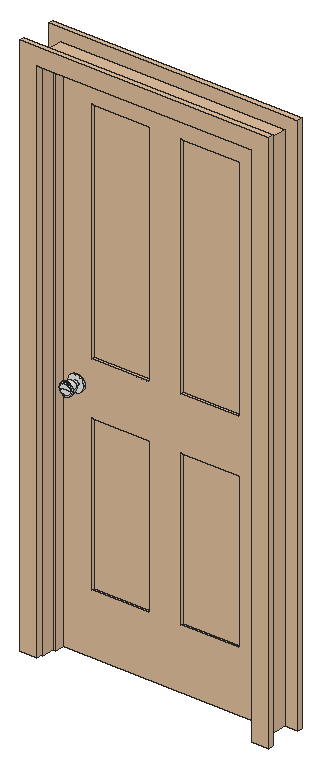
Revit family "M_Porta-Interna-Única-4_Painel-Madeira", category Portas, Revit 2019
Family settings
  Hospedeiro = Parede
  Número OmniClass = 23.30.10.00
  Título OmniClass = Doors
  Sempre na vertical = Sim
  Corte com vazios quando carregada = Não
  Compartilhado = Não
  Ponto de cálculo do ambiente = Não
Parameters
  Visual Light Transmittance = 0
  Material da apara = Cerejeira
  Corrimão superior = 120 mm
  Espessura = 35 mm
  Resistência térmica (R) = 0.455703 (m²·K)/W
  Ângulo de abertura [instance] = 90.00°
  Estilos = 120 mm
  Solar Heat Gain Coefficient = 0
  Rough Width = Width + 50 mm  # 850 mm
  Altura bruta = Altura + 25 mm  # 2025 mm
  Material do painel = Cerejeira
  Montante secundário = 115 mm
  Bloquear corrimão = 200 mm
  Altura = 2000 mm
  Fechamento da parede = Por hospedeiro
  Width = 800 mm
  Coeficiente de transferência de calor (U) = 2.19465 W/(m²·K)
  Função = Interior
  Material da moldura = Cerejeira
  Material da maçaneta = Alumín. 1
  Corrimão inferior = 230 mm
  Código de montagem = "C1020300"
  Construção analítica = "Madeira"
Reference planes
  plane 1 "Centro (Frente/Trás)": y = 0
  plane 2 "Centro (Esquerda/Direita)": x = 0
  plane 3 "Esquerda": x = -425
  plane 4 "Direita": x = 425
  plane 5 "Superior": z = 2025
  plane 6 "Exterior": y = 53.975
  plane 7 "Interior": y = -60.325
  plane 8 "Painel esquerdo da porta": x = -400
  plane 9 "Painel direito da porta": x = 400
  plane 10 "Topo do painel": z = 2000
  plane 11: z = 0
  plane 12: z = 0
  plane 13: x = 418.65
  plane 14: y = 18.975
  plane 15: y = -15.95
  plane 16: x = 387.3
  plane 17: y = 18.975
  plane 18: z = 230
  plane 19: z = 1880
  plane 20: x = 280
  plane 21: x = -280
  plane 22: z = 814.4
  plane 23: z = 1014.4
  plane 24: y = 30.642
  plane 25: y = 42.308
  plane 26: z = 914.4
  plane 27: x = 57.5
  plane 28: x = -57.5
Forms (mm)
  Sweep 1, solid, material "Cerejeira" <- "Material da moldura"
    path origin (0, 0, 0) x (1, 0, 0) y (0, 0, 1)
      loop
        line (425, 0) -> (425, 2025) -> (-425, 2025) -> (-425, 0)
    profile origin (425, 0, 1012.5) x (-1, 0, 0) y (0, -1, 0)
      loop
        line (25, -53.975) -> (25, -18.975) -> (37.7, -18.975) -> (37.7, 15.95) -> (25, 15.95) -> (25, 60.325) -> (0, 60.325) -> (0, -53.975) -> (25, -53.975)
  Extrusion 2, solid, material "Cerejeira" <- "Material do painel"
    sketch origin (0, 0, 0) x (1, 0, 0) y (0, 0, 1)
      loop
        line (400, 2000) -> (-400, 2000) -> (-400, 0) -> (400, 0) -> (400, 2000)
      loop
        line (280, 1880) -> (57.5, 1880) -> (57.5, 1014.4) -> (280, 1014.4) -> (280, 1880)
      loop
        line (-280, 1014.4) -> (-57.5, 1014.4) -> (-57.5, 1880) -> (-280, 1880) -> (-280, 1014.4)
      loop
        line (280, 814.4) -> (57.5, 814.4) -> (57.5, 230) -> (280, 230) -> (280, 814.4)
      loop
        line (-280, 230) -> (-57.5, 230) -> (-57.5, 814.4) -> (-280, 814.4) -> (-280, 230)
    from -53.975 to -18.975
  Extrusion 3, solid, material "Cerejeira" <- "Material do painel"
    sketch origin (0, 0, 0) x (1, 0, 0) y (0, 0, 1)
      loop
        line (280, 1880) -> (57.5, 1880) -> (57.5, 1014.4) -> (280, 1014.4) -> (280, 1880)
      loop
        line (-280, 1014.4) -> (-57.5, 1014.4) -> (-57.5, 1880) -> (-280, 1880) -> (-280, 1014.4)
      loop
        line (280, 814.4) -> (57.5, 814.4) -> (57.5, 230) -> (280, 230) -> (280, 814.4)
      loop
        line (-280, 230) -> (-57.5, 230) -> (-57.5, 814.4) -> (-280, 814.4) -> (-280, 230)
    from -42.308 to -30.642
  Sweep 4, solid, material "Cerejeira" <- "Material da apara", detail levels fine
    path origin (0, 53.975, 0) x (1, 0, 0) y (0, 0, 1)
      loop
        line (400, 0) -> (400, 2000) -> (-400, 2000) -> (-400, 0)
    profile "Perfil de caixa-plano : 20 x 65mm" origin (400, 53.975, 1000) x (-1, 0, 0) y (0, -1, 0)
      loop
        line (-6.35, -20) -> (-6.35, 0) -> (-71.35, 0) -> (-71.35, -20) -> (-6.35, -20)
  Sweep 5, solid, material "Cerejeira" <- "Material da apara", detail levels fine
    path origin (0, -60.325, 0) x (1, 0, 0) y (0, 0, 1)
      loop
        line (400, 0) -> (400, 2000) -> (-400, 2000) -> (-400, 0)
    profile "Perfil de caixa-plano : 20 x 65mm" origin (400, -60.325, 1000) x (-1, 0, 0) y (0, -1, 0)
      loop
        line (-6.35, 20) -> (-71.35, 20) -> (-71.35, 0) -> (-6.35, 0) -> (-6.35, 20)
Lines and regions (mm)
  Opening 1
    outline origin (-2286, -60.325, 0) x (1, 0, 0) y (0, 0, 1)
      loop
        line (1861, 0) -> (2711, 0) -> (2711, 2025) -> (1861, 2025) -> (1861, 0)
  Masking region 1, detail levels coarse+medium
    outline origin (0, 0, 0) x (1, 0, 0) y (0, 1, 0)
      loop
        line (-425, 53.975) -> (-425, -60.325) -> (-400, -60.325) -> (-400, 53.975) -> (-425, 53.975)
      loop
        line (425, 53.975) -> (400, 53.975) -> (400, -60.325) -> (425, -60.325) -> (425, 53.975)
  Masking region 2, detail levels fine
    outline origin (-25.4, 0, 0) x (1, 0, 0) y (0, 1, 0)
      loop
        line (-399.6, 53.975) -> (-399.6, -60.325) -> (-374.6, -60.325) -> (-374.6, -15.95) -> (-361.9, -15.95) -> (-361.9, 18.975) -> (-374.6, 18.975) -> (-374.6, 53.975) -> (-399.6, 53.975)
      loop
        line (450.4, 53.975) -> (425.4, 53.975) -> (425.4, 18.975) -> (412.7, 18.975) -> (412.7, -15.95) -> (425.4, -15.95) -> (425.4, -60.325) -> (450.4, -60.325) -> (450.4, 53.975)
  Masking region 3, detail levels fine
    outline origin (0, 0, 0) x (1, 0, 0) y (0, 1, 0)
      loop
        line (-471.35, 73.975) -> (-471.35, 53.975) -> (-406.35, 53.975) -> (-406.35, 73.975) -> (-471.35, 73.975)
      loop
        line (-471.35, -60.325) -> (-471.35, -80.325) -> (-406.35, -80.325) -> (-406.35, -60.325) -> (-471.35, -60.325)
      loop
        line (406.35, 73.975) -> (406.35, 53.975) -> (471.35, 53.975) -> (471.35, 73.975) -> (406.35, 73.975)
      loop
        line (406.35, -60.325) -> (406.35, -80.325) -> (471.35, -80.325) -> (471.35, -60.325) -> (406.35, -60.325)
  Masking region 4
    outline origin (0, 0, 0) x (0, 1, 0) y (0, 0, 1)
      loop
        line (53.975, 2025) -> (-60.325, 2025) -> (-60.325, 2018.65) -> (53.975, 2018.65) -> (53.975, 2025)
  symbolic lines, style "Giro da elevação"
    curve 1: line (-400, 53.975, 2000) -> (400, 53.975, 1000)
    curve 2: line (400, 53.975, 1000) -> (-400, 53.975, 0)
Text (mm)
  text "Exterior" at (-1904.17, 693.701, 0), in view "Nível de referência"
  text "Interior" at (-1904.17, -638.649, 0), in view "Nível de referência"
  text "Exterior" at (0, 1019.848, 3124.603), in view "Direita"
  text "Interior" at (0, -1635.541, 3124.603), in view "Direita"
  text "Interior" at (0, -787.806, 3124.376), in view "Esquerda"
  text "Exterior" at (0, 1386.095, 3124.376), in view "Esquerda"
Dimensions and locks
  equal spacing: plane 3 "Esquerda", plane 2 "Centro (Esquerda/Direita)", plane 4 "Direita"
  "Altura bruta": level to plane 5 "Superior"
  equal spacing: plane 8 "Painel esquerdo da porta", plane 2 "Centro (Esquerda/Direita)", plane 9 "Painel direito da porta"
  "Width": plane 8 "Painel esquerdo da porta" to plane 9 "Painel direito da porta"
  "Altura": level to plane 10 "Topo do painel"
  plane 11 to plane 12 = 0 mm
  locked: plane 13 to plane 4 "Direita" at 6.35
  "Espessura": plane 14 to plane 6 "Exterior"
  locked: plane 14 to plane 15 at 34.925
  locked: plane 16 to plane 9 "Painel direito da porta" at 12.7
  "Espessura": plane 6 "Exterior" to plane 17
  "Rough Width": plane 3 "Esquerda" to plane 4 "Direita"
  "Corrimão superior": plane 19 to plane 10 "Topo do painel"
  "Estilos": plane 20 to plane 9 "Painel direito da porta"
  "Estilos": plane 8 "Painel esquerdo da porta" to plane 21
  "Bloquear corrimão": plane 22 to plane 23
  equal spacing: plane 17, plane 24, plane 25, plane 6 "Exterior"
  locked: plane 12 to plane 26 at 914.4
  equal spacing: plane 22, plane 26, plane 23
  equal spacing: plane 12, curve 2, plane 10 "Topo do painel"
  "Corrimão inferior": plane 18 to plane 11
  "Montante secundário": plane 28 to plane 27
  equal spacing: plane 28, plane 2 "Centro (Esquerda/Direita)", plane 27
  locked: Masking region 4 sketch curve to plane 5 "Superior" at 6.35
  aligned and locked: plane 3 "Esquerda" to Opening 1 sketch curve
  aligned and locked: plane 5 "Superior" to Opening 1 sketch curve  (x2)
  aligned and locked: Opening 1 sketch curve to plane 4 "Direita"
  aligned and locked: Opening 1 sketch curve to level
  aligned and locked: plane 6 "Exterior" to host wall
  aligned and locked: plane 7 "Interior" to host wall
  aligned and locked: plane 5 "Superior" to Sweep 1 sketch curve
  aligned and locked: plane 4 "Direita" to Sweep 1 sketch curve  (x2)
  aligned and locked: Sweep 1 sketch curve to plane 3 "Esquerda"
  aligned and locked: plane 11 to level
  aligned and locked: plane 11 to Sweep 1 sketch curve  (x2)
  aligned and locked: Sweep 1 sketch curve to plane 9 "Painel direito da porta"
  aligned and locked: Sweep 1 sketch curve to host wall
  aligned and locked: Sweep 1 sketch curve to plane 7 "Interior"
  aligned and locked: Sweep 1 sketch curve to plane 15
  aligned and locked: Sweep 1 sketch curve to plane 16
  aligned and locked: plane 14 to Sweep 1 sketch curve
  aligned and locked: Extrusion 2 sketch curve to plane 10 "Topo do painel"
  aligned and locked: Extrusion 2 sketch curve to plane 8 "Painel esquerdo da porta"
  aligned and locked: plane 9 "Painel direito da porta" to Extrusion 2 sketch curve
  aligned and locked: Extrusion 2 sketch curve to plane 12
  aligned and locked: Extrusion 2 to plane 17
  aligned and locked: Extrusion 2 to plane 6 "Exterior"
  aligned and locked: Extrusion 2 sketch curve to plane 19
  aligned and locked: Extrusion 2 sketch curve to plane 21  (x2)
  aligned and locked: plane 23 to Extrusion 2 sketch curve
  aligned and locked: plane 20 to Extrusion 2 sketch curve  (x2)
  aligned and locked: Extrusion 2 sketch curve to plane 22
  aligned and locked: plane 18 to Extrusion 2 sketch curve
  aligned and locked: Extrusion 3 sketch curve to plane 19
  aligned and locked: plane 20 to Extrusion 3 sketch curve  (x2)
  aligned and locked: Extrusion 3 sketch curve to plane 21  (x2)
  aligned and locked: plane 23 to Extrusion 3 sketch curve
  aligned and locked: Extrusion 3 sketch curve to plane 22
  aligned and locked: plane 18 to Extrusion 3 sketch curve
  aligned and locked: plane 25 to Extrusion 3
  aligned and locked: Extrusion 3 to plane 24
  aligned and locked: nested 1 to plane 9 "Painel direito da porta"
  aligned and locked: plane 6 "Exterior" to nested 1
  aligned and locked: nested 2 to plane 8 "Painel esquerdo da porta"
  aligned and locked: plane 6 "Exterior" to nested 2
  aligned and locked: plane 8 "Painel esquerdo da porta" to nested 3
  aligned and locked: nested 3 to plane 17
  aligned and locked: plane 9 "Painel direito da porta" to Sweep 4 sketch curve
  aligned and locked: Sweep 4 sketch curve to plane 8 "Painel esquerdo da porta"
  aligned and locked: Sweep 4 sketch curve to plane 10 "Topo do painel"
  aligned and locked: Sweep 5 sketch curve to plane 9 "Painel direito da porta"
  aligned and locked: plane 10 "Topo do painel" to Sweep 5 sketch curve
  aligned and locked: plane 8 "Painel esquerdo da porta" to Sweep 5 sketch curve
  aligned and locked: Masking region 1 sketch curve to plane 3 "Esquerda"
  aligned and locked: plane 8 "Painel esquerdo da porta" to Masking region 1 sketch curve
  aligned and locked: Masking region 1 sketch curve to plane 7 "Interior"
  aligned and locked: plane 6 "Exterior" to Masking region 1 sketch curve
  aligned and locked: plane 9 "Painel direito da porta" to Masking region 1 sketch curve
  aligned and locked: Masking region 1 sketch curve to plane 4 "Direita"
  aligned and locked: plane 7 "Interior" to Masking region 1 sketch curve
  aligned and locked: Masking region 1 sketch curve to plane 6 "Exterior"
  aligned and locked: plane 11 to Sweep 4 sketch curve  (x2)
  aligned and locked: plane 11 to Sweep 5 sketch curve  (x2)
  aligned and locked: plane 8 "Painel esquerdo da porta" to Masking region 2 sketch curve
  aligned and locked: Masking region 2 sketch curve to plane 3 "Esquerda"
  aligned and locked: Masking region 2 sketch curve to plane 7 "Interior"
  aligned and locked: plane 6 "Exterior" to Masking region 2 sketch curve
  aligned and locked: Masking region 2 sketch curve to nested 2  (x2)
  aligned and locked: Masking region 2 sketch curve to Sweep 1  (x3)
  aligned and locked: Masking region 3 sketch curve to Sweep 4  (x6)
  aligned and locked: Masking region 3 sketch curve to plane 6 "Exterior"  (x2)
  aligned and locked: plane 7 "Interior" to Masking region 3 sketch curve  (x2)
  aligned and locked: Masking region 3 sketch curve to Sweep 5  (x6)
  aligned and locked: Masking region 2 sketch curve to plane 4 "Direita"
  aligned and locked: plane 9 "Painel direito da porta" to Masking region 2 sketch curve  (x3)
  aligned and locked: plane 17 to Masking region 2 sketch curve
  aligned and locked: Sweep 1 to Masking region 2 sketch curve
  aligned and locked: plane 27 to Extrusion 2 sketch curve  (x2)
  aligned and locked: plane 28 to Extrusion 2 sketch curve  (x2)
  aligned and locked: plane 27 to Extrusion 3 sketch curve
  aligned and locked: Extrusion 3 sketch curve to plane 28  (x2)
  aligned and locked: Extrusion 3 sketch curve to plane 27
  aligned and locked: plane 5 "Superior" to Masking region 4 sketch curve
  aligned and locked: plane 6 "Exterior" to Masking region 4 sketch curve
  aligned and locked: Masking region 4 sketch curve to plane 7 "Interior"
Automatic sketch dimensions
  plane 16 to Sweep 1 sketch curve = 12.7 mm
  curve 2 to level = 0 mm
  curve 2 to plane 8 "Painel esquerdo da porta" = 0 mm
  curve 1 to plane 8 "Painel esquerdo da porta" = 0 mm
  curve 2 to plane 9 "Painel direito da porta" = 0 mm
  curve 1 to plane 10 "Topo do painel" = 0 mm
  Masking region 2 sketch curve to host wall = 0 mm  (x2)
  Masking region 2 sketch curve to plane 17 = 0 mm
  plane 18 to Extrusion 2 sketch curve = 0 mm
  plane 23 to Extrusion 2 sketch curve = 0 mm
  Extrusion 2 sketch curve to plane 19 = 0 mm
  Extrusion 2 sketch curve to plane 22 = 0 mm
  Extrusion 3 sketch curve to plane 23 = 0 mm
  Extrusion 3 sketch curve to plane 18 = 0 mm
  Extrusion 3 sketch curve to plane 22 = 0 mm
  Extrusion 3 sketch curve to plane 19 = 0 mm
Nested families
  nested 1: "Porta com abertura única" at (400, 53.975, 0), Ângulo de abertura <- "Ângulo de abertura", type "Único"
    with Abertura visível yes, Ângulo de abertura 90.00°, Ângulo real 90.00°, Width 800 mm, Espessura 35 mm
  nested 2: "M_Maçaneta residencial" at (-400, 53.975, 914.4), type "Padrão", detail levels fine
  nested 3: "M_Maçaneta residencial" at (-400, 18.975, 914.4), type "Padrão", detail levels fine
Definition of nested family "M_Maçaneta residencial"
  Parameters (values of type "Padrão")
    Manufacturer = ""
    Material = none
    Handle Z Distance = 0 mm
    Handle X Distance = 65 mm
    Analytic Construction = "<Nenhum>"
  Reference planes
    plane 1 "Centro (Frente/Trás)": y = 0
    plane 2: z = 0
    plane 3 "Centro (Esquerda/Direita)": x = 0
    plane 4: z = 0
    plane 5: x = 65
  Forms (mm)
    Extrusion 1, solid, material <- "Material"
      sketch origin (0, 0, 0) x (1, 0, 0) y (0, 0, 1)
        loop
          circle (65, 0) r 30
      from 0 to -6
    Revolve 2, solid, material <- "Material"
      sketch origin (0, 0, 0) x (0, -1, 0) y (1, 0, 0)
        loop
          line (-25, 55) -> (-6, 55) -> (-6, 65) -> (-55, 65) -> (-55, 44.524) -> (-53.172, 40) -> (-49.708, 40) -> (-25, 46.364) -> (-25, 55)
        axis (-6, 65) -> (-55, 65)
      angle from 0 to 360
  Dimensions and locks
    "Handle Z Distance": plane 4 to level
    "Handle X Distance": plane 5 to plane 3 "Centro (Esquerda/Direita)"
  Automatic sketch dimensions
    Extrusion 1 sketch curve to plane 4 = 0 mm
    Extrusion 1 sketch curve to plane 5 = 0 mm
    Revolve 2 sketch curve to plane 5 = 0 mm  (x2)
    Revolve 2 sketch curve to plane 1 "Centro (Frente/Trás)" = 66 mm
    Revolve 2 sketch curve to Revolve 2 sketch curve = 11 mm
    Revolve 2 sketch curve to Revolve 2 sketch curve = 1.828 mm
    Revolve 2 sketch curve to Revolve 2 sketch curve = 3.464 mm
    Revolve 2 sketch curve to plane 1 "Centro (Frente/Trás)" = 25 mm
    Revolve 2 sketch curve to plane 1 "Centro (Frente/Trás)" = 6 mm
    Revolve 2 sketch curve to Revolve 2 sketch curve = 0 mm
    Revolve 2 sketch curve to Revolve 2 sketch curve = 10 mm
    Revolve 2 sketch curve to Revolve 2 sketch curve = 8.636 mm
    Revolve 2 sketch curve to Revolve 2 sketch curve = 20.476 mm
    Revolve 2 sketch curve to Revolve 2 sketch curve = 4.524 mm
    radius of Extrusion 1 sketch curve = 30 mm
Definition of nested family "Porta com abertura única"
  Parameters (values of type "Único")
    Width = 900 mm
    Thickness = 45 mm
    Abertura visível [instance] = Ângulo de abertura > 1.00°  # yes
    Ângulo de abertura [instance] = 45.00°
    Assembly Code = ""
    Analytic Construction = "<Nenhum>"
    Ângulo real [instance] = if(Ângulo de abertura < 1.00°, 1.00°, Ângulo de abertura)  # 45.00°
  Reference planes
    plane 1 "Centro (Frente/Trás)": y = 0
    plane 2: z = 0
    plane 3 "Centro (Esquerda/Direita)": x = 0
    plane 4: x = -900
  Lines and regions (mm)
    Masking region 1
      outline origin (0, 0, 0) x (-0.707107, 0.707107, 0) y (-0.707107, -0.707107, 0)
        loop
          line (0, 0) -> (900, 0) -> (900, 45) -> (0, 45) -> (0, 0)
    symbolic lines
      curve 1: line (0, 0, 0) -> (-900, 0, 0)
    symbolic lines, visible <- "Abertura visível"
      curve 2: arc (-900, 0, 0) -> (-831.492, 344.415, 0) -> (-636.396, 636.396, 0) r 900
    reference lines
      curve 3: line (0, 0, 0) -> (-636.396, 636.396, 0)
    model lines
      curve 4: line (0, 0, 0) -> (0, 0, 25.4)
  Dimensions and locks
    "Width": plane 4 to plane 3 "Centro (Esquerda/Direita)"
    locked: curve 2 to plane 3 "Centro (Esquerda/Direita)"
    locked: curve 2 to plane 1 "Centro (Frente/Trás)"
    "Width": curve 3 to curve 3
    "Thickness": Masking region 1 sketch curve to Masking region 1 sketch curve
    locked: curve 4 to plane 2 at 25.4
    "Width": radius of curve 2
    "Ângulo real": angle curve 2 to curve 2
    "Ângulo de abertura": angle curve 3 to plane 1 "Centro (Frente/Trás)"
    aligned and locked: curve 1 to plane 1 "Centro (Frente/Trás)"
    aligned and locked: plane 3 "Centro (Esquerda/Direita)" to curve 1
    aligned and locked: plane 3 "Centro (Esquerda/Direita)" to curve 3
    aligned and locked: plane 1 "Centro (Frente/Trás)" to curve 3
    aligned and locked: curve 3 to Masking region 1 sketch curve
    aligned and locked: Masking region 1 sketch curve to curve 3  (x2)
    aligned and locked: plane 3 "Centro (Esquerda/Direita)" to curve 4
    aligned and locked: plane 2 to curve 4
Types in the file's own list only (39): name | Transmissão de luz visual | Resistência térmica (R) | Estilos | Coeficiente de ganho de calor solar | Largura bruta | Altura bruta | Altura | Largura | Coeficiente de transferência de calor (U)
  300 x 2000mm | 0 | 0.4557 (m²·K)/W | 60 mm | 0 | 350 mm | 2025 mm | 2000 mm | 300 mm | 2.1946 W/(m²·K)
  350 x 2000mm | 0 | 0.4557 (m²·K)/W | 60 mm | 0 | 400 mm | 2025 mm | 2000 mm | 350 mm | 2.1946 W/(m²·K)
  400 x 2000mm | 0 | 0.4557 (m²·K)/W | 60 mm | 0 | 450 mm | 2025 mm | 2000 mm | 400 mm | 2.1946 W/(m²·K)
  450 x 2000mm | 0 | 0.4557 (m²·K)/W | 120 mm | 0 | 500 mm | 2025 mm | 2000 mm | 450 mm | 2.1946 W/(m²·K)
  500 x 2000mm | 0 | 0.4557 (m²·K)/W | 120 mm | 0 | 550 mm | 2025 mm | 2000 mm | 500 mm | 2.1946 W/(m²·K)
  550 x 2000mm | 0 | 0.4557 (m²·K)/W | 120 mm | 0 | 600 mm | 2025 mm | 2000 mm | 550 mm | 2.1946 W/(m²·K)
  600 x 2000mm | 0 | 0.4557 (m²·K)/W | 120 mm | 0 | 650 mm | 2025 mm | 2000 mm | 600 mm | 2.1946 W/(m²·K)
  650 x 2000mm | 0 | 0.4557 (m²·K)/W | 120 mm | 0 | 700 mm | 2025 mm | 2000 mm | 650 mm | 2.1946 W/(m²·K)
  700 x 2000mm | 0 | 0.4557 (m²·K)/W | 120 mm | 0 | 750 mm | 2025 mm | 2000 mm | 700 mm | 2.1946 W/(m²·K)
  750 x 2000mm | 0 | 0.4557 (m²·K)/W | 120 mm | 0 | 800 mm | 2025 mm | 2000 mm | 750 mm | 2.1946 W/(m²·K)
  800 x 2000mm | 0 | 0.4557 (m²·K)/W | 120 mm | 0 | 850 mm | 2025 mm | 2000 mm | 800 mm | 2.1946 W/(m²·K)
  850 x 2000mm | 0 | 0.4557 (m²·K)/W | 120 mm | 0 | 900 mm | 2025 mm | 2000 mm | 850 mm | 2.1946 W/(m²·K)
  900 x 2000mm | 0 | 0.4557 (m²·K)/W | 120 mm | 0 | 950 mm | 2025 mm | 2000 mm | 900 mm | 2.1946 W/(m²·K)
  300 x 2100mm | 0 | 0.4557 (m²·K)/W | 60 mm | 0 | 350 mm | 2125 mm | 2100 mm | 300 mm | 2.1946 W/(m²·K)
  350 x 2100mm | 0 | 0.4557 (m²·K)/W | 60 mm | 0 | 400 mm | 2125 mm | 2100 mm | 350 mm | 2.1946 W/(m²·K)
  400 x 2100mm | 0 | 0.4557 (m²·K)/W | 60 mm | 0 | 450 mm | 2125 mm | 2100 mm | 400 mm | 2.1946 W/(m²·K)
  450 x 2100mm | 0 | 0.4557 (m²·K)/W | 120 mm | 0 | 500 mm | 2125 mm | 2100 mm | 450 mm | 2.1946 W/(m²·K)
  500 x 2100mm | 0 | 0.4557 (m²·K)/W | 120 mm | 0 | 550 mm | 2125 mm | 2100 mm | 500 mm | 2.1946 W/(m²·K)
  550 x 2100mm | 0 | 0.4557 (m²·K)/W | 120 mm | 0 | 600 mm | 2125 mm | 2100 mm | 550 mm | 2.1946 W/(m²·K)
  600 x 2100mm | 0 | 0.4557 (m²·K)/W | 120 mm | 0 | 650 mm | 2125 mm | 2100 mm | 600 mm | 2.1946 W/(m²·K)
  650 x 2100mm | 0 | 0.4557 (m²·K)/W | 120 mm | 0 | 700 mm | 2125 mm | 2100 mm | 650 mm | 2.1946 W/(m²·K)
  700 x 2100mm | 0 | 0.4557 (m²·K)/W | 120 mm | 0 | 750 mm | 2125 mm | 2100 mm | 700 mm | 2.1946 W/(m²·K)
  750 x 2100mm | 0 | 0.4557 (m²·K)/W | 120 mm | 0 | 800 mm | 2125 mm | 2100 mm | 750 mm | 2.1946 W/(m²·K)
  800 x 2100mm | 0 | 0.4557 (m²·K)/W | 120 mm | 0 | 850 mm | 2125 mm | 2100 mm | 800 mm | 2.1946 W/(m²·K)
  850 x 2100mm | 0 | 0.4557 (m²·K)/W | 120 mm | 0 | 900 mm | 2125 mm | 2100 mm | 850 mm | 2.1946 W/(m²·K)
  900 x 2100mm | 0 | 0.4557 (m²·K)/W | 120 mm | 0 | 950 mm | 2125 mm | 2100 mm | 900 mm | 2.1946 W/(m²·K)
  300 x 2400mm | 0 | 0.4557 (m²·K)/W | 60 mm | 0 | 350 mm | 2425 mm | 2400 mm | 300 mm | 2.1946 W/(m²·K)
  350 x 2400mm | 0 | 0.4557 (m²·K)/W | 60 mm | 0 | 400 mm | 2425 mm | 2400 mm | 350 mm | 2.1946 W/(m²·K)
  400 x 2400mm | 0 | 0.4557 (m²·K)/W | 60 mm | 0 | 450 mm | 2425 mm | 2400 mm | 400 mm | 2.1946 W/(m²·K)
  450 x 2400mm | 0 | 0.4557 (m²·K)/W | 120 mm | 0 | 500 mm | 2425 mm | 2400 mm | 450 mm | 2.1946 W/(m²·K)
  500 x 2400mm | 0 | 0.4557 (m²·K)/W | 120 mm | 0 | 550 mm | 2425 mm | 2400 mm | 500 mm | 2.1946 W/(m²·K)
  550 x 2400mm | 0 | 0.4557 (m²·K)/W | 120 mm | 0 | 600 mm | 2425 mm | 2400 mm | 550 mm | 2.1946 W/(m²·K)
  600 x 2400mm | 0 | 0.4557 (m²·K)/W | 120 mm | 0 | 650 mm | 2425 mm | 2400 mm | 600 mm | 2.1946 W/(m²·K)
  650 x 2400mm | 0 | 0.4557 (m²·K)/W | 120 mm | 0 | 700 mm | 2425 mm | 2400 mm | 650 mm | 2.1946 W/(m²·K)
  700 x 2400mm | 0 | 0.4557 (m²·K)/W | 120 mm | 0 | 750 mm | 2425 mm | 2400 mm | 700 mm | 2.1946 W/(m²·K)
  750 x 2400mm | 0 | 0.4557 (m²·K)/W | 120 mm | 0 | 800 mm | 2425 mm | 2400 mm | 750 mm | 2.1946 W/(m²·K)
  800 x 2400mm | 0 | 0.4557 (m²·K)/W | 120 mm | 0 | 850 mm | 2425 mm | 2400 mm | 800 mm | 2.1946 W/(m²·K)
  850 x 2400mm | 0 | 0.4557 (m²·K)/W | 120 mm | 0 | 900 mm | 2425 mm | 2400 mm | 850 mm | 2.1946 W/(m²·K)
  900 x 2400mm | 0 | 0.4557 (m²·K)/W | 120 mm | 0 | 950 mm | 2425 mm | 2400 mm | 900 mm | 2.1946 W/(m²·K)
